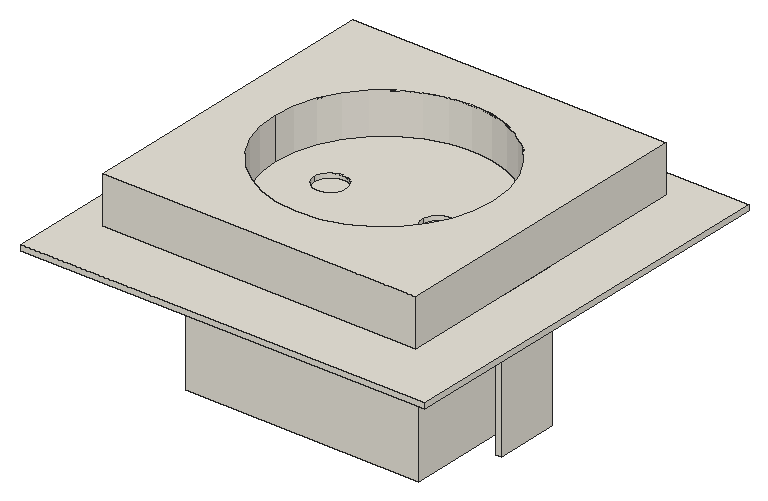
Revit family "Gira_045403", category Electrical Fixtures, host Face, Revit 2017
Family settings
  Host = Face
  Maintain Annotation Orientation = Yes
  Round Connector Dimension = Use Diameter
  Part Type = Normal
  Cut with Voids When Loaded = No
  Shared = No
  Room Calculation Point = No
Parameters (values of type "SCHUKO HC System 55 p.white")
  URL = "http://katalog.gira.de/en/datenblatt.html?artikelnr=045403"
  Transparent = "No"
  Name = "SCHUKO HC System 55 p.white"
  Model = "Protective contact (SCHUKO)"
  Manufacturer URL = "https://www.gira.de/"
  Manufacturer = "Gira"
  HeinzeBIM = "https://bimportal.heinze.de/bim/schuko-hc-system-55-p-white/fe9b190f900007de541ce464a1e53ef826b55532"
  HAN = "045403"
  GTIN = "4010337454038"
  Description = "SCHUKO HC Sys55 PW,SCHUKO socket outlet 16 A 250 V~ with hinged cover,,pure white glossy,Notes :,- In conjunction with the seal set and frame, 1-gang to 5-gang from the Standard 55 and Gira E2 design lines, flush-mounted SCHUKO socket outlets with hinged covers can be installed water-protected in accordance with IP44."
  Default Elevation = 1219.2 mm
  Data sheet (1) = "https://katalog.gira.de/en/download.html?artikelnr=045403"
  Cremeweiß glänzend = Cremeweiß glänzend
  Category = "Socket outlet"
  BIM (1) = "https://media.stage.bim.site/public/gira/36a6b08/SYS55_Steckdose.rfa"
  Available = "No"
Reference planes
  plane 1 "Center (Front/Back)": y = 0
  plane 2 "Reference Level 0": z = 0
  plane 3 "Center (Left/Right)": x = 0
  plane 4: x = 9.5
  plane 5: x = -9.5
  plane 6: x = 9.5
  plane 7: x = -9.5
  plane 8: x = 9.5
  plane 9: x = -9.5
  plane 10: x = 17.5
  plane 11 "Reference Level 1": z = 8.2
Forms (mm)
  Extrusion 1, solid, material "Cremeweiß glänzend" <- "Cremeweiß glänzend", detail levels coarse
    sketch origin (0, 0, 0) x (1, 0, 0) y (0, 1, 0)
      loop
        line (-35.5, 35.5) -> (-35.5, -35.5) -> (35.5, -35.5) -> (35.5, 35.5) -> (-35.5, 35.5)
    from -27.5 to 8.2
  Extrusion 2, solid, material "Cremeweiß glänzend" <- "Cremeweiß glänzend", detail levels medium+fine
    sketch origin (0, 0, 0) x (1, 0, 0) y (0, 1, 0)
      loop
        line (-35.5, 35.5) -> (-35.5, -35.5) -> (35.5, -35.5) -> (35.5, 35.5) -> (-35.5, 35.5)
    from -2.2 to -3.2
  Extrusion 3, solid, material "Cremeweiß glänzend" <- "Cremeweiß glänzend", detail levels medium+fine
    sketch origin (0, 0, 0) x (1, 0, 0) y (0, 1, 0)
      loop
        line (-27.5, 27.5) -> (-27.5, -27.5) -> (27.5, -27.5) -> (27.5, 27.5) -> (-27.5, 27.5)
      loop
        circle (0, 0) r 19.2
    from 0 to 8.2
  Extrusion 4, solid, material "Cremeweiß glänzend" <- "Cremeweiß glänzend", detail levels fine
    sketch origin (0, 0, 0) x (1, 0, 0) y (0, 1, 0)
      loop
        circle (0, 0) r 19.2
      loop
        circle (9.5, 0) r 2.8
      loop
        circle (-9.5, 0) r 2.8
    from 0 to 1
  Extrusion 5, solid, material "Cremeweiß glänzend" <- "Cremeweiß glänzend", detail levels fine
    sketch origin (0, 0, 0) x (1, 0, 0) y (0, 1, 0)
      loop
        circle (-9.5, 0) r 2.8
      loop
        circle (9.5, 0) r 2.8
    from -2.2 to 0.3
  Extrusion 6, solid, material "Cremeweiß glänzend" <- "Cremeweiß glänzend", detail levels medium
    sketch origin (0, 0, 0) x (1, 0, 0) y (0, 1, 0)
      loop
        circle (0, 0) r 19.2
      loop
        circle (9.5, 0) r 2.8
      loop
        circle (-9.5, 0) r 2.8
    from 7.2 to 8.2
  Extrusion 7, solid, material "Cremeweiß glänzend" <- "Cremeweiß glänzend", detail levels medium
    sketch origin (0, 0, 0) x (1, 0, 0) y (0, 1, 0)
      loop
        circle (-9.5, 0) r 2.8
      loop
        circle (9.5, 0) r 2.8
    from 7.2 to 8.2
  Extrusion 8, solid, material "Cremeweiß glänzend" <- "Cremeweiß glänzend", detail levels medium+fine
    sketch origin (0, 0, 0) x (1, 0, 0) y (0, 1, 0)
      loop
        line (-20.5, 9) -> (-20.5, -18) -> (20.5, -18) -> (20.5, 9) -> (17.5, 9) -> (3, 21) -> (3, 24) -> (-3, 24) -> (-3, 21) -> (-17.5, 9) -> (-20.5, 9)
    from 0 to -27.5
  Extrusion 9, solid, material "Cremeweiß glänzend" <- "Cremeweiß glänzend", detail levels medium+fine
    sketch origin (0, 0, 0) x (1, 0, 0) y (0, 1, 0)
      loop
        line (-25, 5.5) -> (-25, -5.5) -> (-24, -5.5) -> (-24, 5.5) -> (-25, 5.5)
    from 0 to -27.5
  Extrusion 10, solid, material "Cremeweiß glänzend" <- "Cremeweiß glänzend", detail levels medium+fine
    sketch origin (0, 0, 0) x (-1, 0, 0) y (0, -1, 0)
      loop
        line (-25, 5.5) -> (-25, -5.5) -> (-24, -5.5) -> (-24, 5.5) -> (-25, 5.5)
    from 0 to -27.5
Dimensions and locks
  aligned and locked: plane 2 "Reference Level 0" to host face
  aligned and locked: level to host face
  aligned and locked: plane 3 "Center (Left/Right)" to nested 1
  aligned and locked: plane 1 "Center (Front/Back)" to nested 1
Nested families
  nested 1: "Steckdose 1-fach Beschriftung" at (0, 0, 0), type "Steckdose 1-fach Beschriftung"
Connectors
  electrical at (0, 9, -27.5)
    settings: on Extrusion 8, index 1, voltage 220 V, apparent load 0 VA, apparent load phase1 0 VA, apparent load phase2 0 VA, apparent load phase3 0 VA, power factor 1, load classification "Other", number of poles 1, system type 31, power factor state 1, is connector primary yes, connector utility no, sub classification motor no, connector description ""
Definition of nested family "Steckdose 1-fach Beschriftung"
  Reference planes
    plane 1: y = 0
    plane 2: x = 0
  Lines and regions (mm)
    detail lines
      curve 1: line (0, 0, 0) -> (0, 2, 0)
      curve 3: line (0, 2, 0) -> (-1, 2, 0)
      curve 4: arc (1, 3, 0) -> (0, 2, 0) -> (-1, 3, 0) r 1
      curve 5: line (0, 2, 0) -> (1, 2, 0)
    reference lines
      curve 2: line (-0.485, 3, 0) -> (2.315, 3, 0)
  Dimensions and locks
    curve 1 to curve 1 = 2 mm
    plane 1 to curve 2 = 3 mm
    curve 3 to curve 3 = 1 mm
